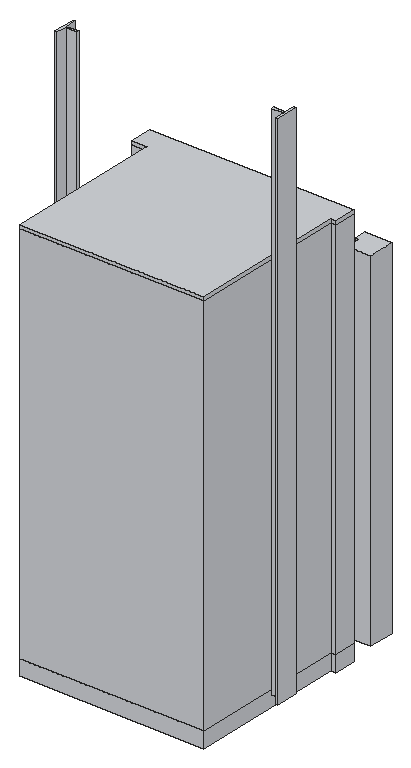
Revit family "Elevador básico", category Specialty Equipment, host Wall, Revit 2016
Family settings
  Host = Wall
  Part Type = Normal
  Round Connector Dimension = Use Diameter
  OmniClass Number = 23.50.05.14
  OmniClass Title = Lifts
  Always vertical = Yes
  Cut with Voids When Loaded = No
  Shared = No
  Room Calculation Point = No
Parameters (values of type "1000 x 880mm")
  Manufacturer = "Revit"
  Door Material = none
  Assembly Code = "D1010310"
Types (2, lengths in mm): name | Manufacturer | Assembly Code
  Type 1 | 0 | 0
  1000 x 880mm | "Revit" | "D1010310"
Reference planes
  plane 1: y = 0
  plane 2 "Center (Left/Right)": x = 125
  plane 3 "Back": y = 75
  plane 4: x = -505.007
  plane 5: x = 750
  plane 6: x = 600
Forms (mm)
  Extrusion 1, solid
    sketch origin (0, 0, 0) x (1, 0, 0) y (0, 1, 0)
      loop
        line (-505.007, 75) -> (-505.007, 14.479) -> (-114.979, 14.479) -> (-114.979, 75) -> (-505.007, 75)
      loop
        line (600, 75) -> (600, 5) -> (621.17, 5) -> (621.17, -75) -> (750, -75) -> (750, 75) -> (600, 75)
    from 0 to 2000
Lines and regions (mm)
  Opening 1
    outline origin (-5000, -75, 0) x (1, 0, 0) y (0, 0, 1)
      loop
        line (5750, 0) -> (5750, 2000) -> (4494.993, 2000) -> (4494.993, 0) -> (5750, 0)
  symbolic lines, detail levels medium+fine
    curve 1: line (-114.979, 75, 0) -> (600, 75, 0)
    curve 2: line (750, 75, 0) -> (600, 75, 0)
    curve 3: line (600, 5, 0) -> (621.17, 5, 0)
    curve 4: line (621.17, 5, 0) -> (621.17, -75, 0)
    curve 5: line (621.17, -75, 0) -> (750, -75, 0)
    curve 6: line (-505.007, 75, 0) -> (-114.979, 75, 0)
    curve 7: line (-114.979, 14.479, 0) -> (-135.755, 14.479, 0)
    curve 8: line (-135.755, 14.479, 0) -> (-135.755, 29.982, 0)
    curve 9: line (-135.755, 29.982, 0) -> (-505.007, 29.982, 0)
    curve 10: line (-114.979, 14.479, 0) -> (-114.979, 75, 0)
    curve 11: line (600, 5, 0) -> (600, 75, 0)
  symbolic lines, detail levels coarse
    curve 12: line (-505.007, 75, 0) -> (750, 75, 0)
Text (mm)
  text "Placement side" at (-1864.261, 916.262, 0), in view "Ref. Level"
  text "Placement side" at (0, 1605.175, 2923.955), in view "Left"
  text "Placement side" at (0, 595.982, 3004.978), in view "Right"
Dimensions and locks
  locked: plane 3 "Back" to host wall at 0
  locked: nested 1 to curve 3 at 80
  locked: curve 7 to nested 1 at 89.479
  aligned and locked: plane 1 to host wall
  aligned and locked: Extrusion 1 to host wall
  aligned and locked: plane 3 "Back" to curve 1
  aligned and locked: Extrusion 1 to plane 3 "Back"  (x2)
  aligned: curve 12 to host wall
  aligned: curve 12 to Extrusion 1
Nested families
  nested 1: "Electric Lift-4 person_new" at (125, -687.502, 0) x (-1, 0, 0) z (0, 0, 1), type "1000 x 880mm"
Definition of nested family "Electric Lift-4 person_new"
  Parameters
    Panel Width = 386 mm
    Level Height = 3000 mm
    Door Material = none
  Reference planes
    plane 1 "Center (Front/Back)": y = 0
    plane 2: z = 0
    plane 3 "Center (Left/Right)": x = 0
    plane 4: z = 3000
    plane 5: y = -762.502
  Forms (mm)
    Extrusion 1, solid
      sketch origin (0, 0, 0) x (1, 0, 0) y (0, 1, 0)
        loop
          line (-525, 452.498) -> (-525, -452.502) -> (-556, -452.502) -> (-556, -582.502) -> (611.5, -582.502) -> (611.5, -452.502) -> (525, -452.502) -> (525, 452.498) -> (-525, 452.498)
        loop
          line (-500, 427.498) -> (-500, 115) -> (-485.245, 115) -> (-485.245, -115) -> (-500, -115) -> (-500, -452.502) -> (-475, -452.502) -> (-475, -494.818) -> (-496.17, -494.818) -> (-496.17, -578.543) -> (583.123, -578.543) -> (583.123, -490.502) -> (235.3, -490.502) -> (235.3, -452.502) -> (500, -452.502) -> (500, 427.498) -> (-500, 427.498)
      from 0 to 2200
    Extrusion 2, solid, detail levels medium+fine
      sketch origin (0, 0, 0) x (1, 0, 0) y (0, 1, 0)
        loop
          line (-638.027, 63.5) -> (-638.027, -63.5) -> (-625.027, -63.5) -> (-622.113, -6.196) -> (-557.027, -6.196) -> (-557.027, 6.3) -> (-622.027, 6.3) -> (-625.027, 63.5) -> (-638.027, 63.5)
        loop
          line (625.027, 63.5) -> (622.027, 6.3) -> (557.027, 6.3) -> (557.027, -6.196) -> (622.113, -6.196) -> (625.027, -63.5) -> (638.027, -63.5) -> (638.027, 63.5) -> (625.027, 63.5)
      from 0 to 3000
    Extrusion 3, void
      sketch origin (-556, -582.502, 2200) x (0, 0, 1) y (1, 0, 0)
        loop
          line (-2286.189, 59.83) -> (-200, 59.83) -> (-200, 854.444) -> (-2286.189, 854.444) -> (-2286.189, 59.83)
      from 0 to 87.684
    Extrusion 4, solid
      sketch origin (0, 0, -90) x (1, 0, 0) y (0, 1, 0)
        loop
          line (-525, 452.498) -> (-525, -452.502) -> (-556, -452.502) -> (-556, -582.502) -> (611.5, -582.502) -> (611.5, -452.502) -> (525, -452.502) -> (525, 452.498) -> (-525, 452.498)
      from 0 to 90
    Extrusion 5, solid, material <- "Door Material"
      sketch origin (160, 0, 0) x (1, 0, 0) y (0, 1, 0)
        loop
          line (27.622, -496.512) -> (27.622, -538.112) -> (413.622, -538.112) -> (413.622, -496.512) -> (27.622, -496.512)
        loop
          line (-306.17, -543.502) -> (-306.17, -578.543) -> (79.83, -578.543) -> (79.83, -543.502) -> (-306.17, -543.502)
        loop
          line (67.622, -695.891) -> (453.622, -695.891) -> (453.622, -656.891) -> (67.622, -656.891) -> (67.622, -695.891)
        loop
          line (-296.17, -612.502) -> (-296.17, -651.502) -> (89.83, -651.502) -> (89.83, -612.502) -> (-296.17, -612.502)
      from 0 to 2000
    Extrusion 6, solid
      sketch origin (-525, 452.498, 2200) x (-1, 0, 0) y (0, -1, 0)
        loop
          line (0, 0) -> (0, 905) -> (31, 905) -> (31, 1035) -> (-1136.5, 1035) -> (-1136.5, 905) -> (-1050, 905) -> (-1050, 0) -> (0, 0)
      from 0 to 22
  Cuts and joins
    Extrusion 3 cuts Extrusion 1
    Extrusion 3 cuts Extrusion 2
  Lines and regions (mm)
    symbolic lines
      curve 1: line (370.2, 602.498, 0) -> (-399.8, 602.498, 0)
      curve 2: line (-399.8, 602.498, 0) -> (-399.8, 502.498, 0)
      curve 3: line (-399.8, 502.498, 0) -> (370.2, 502.498, 0)
      curve 4: line (370.2, 502.498, 0) -> (370.2, 602.498, 0)
    symbolic lines, detail levels fine
      curve 5: line (-468.299, 577.496, 0) -> (-468.299, 555.496, 0)
      curve 6: line (-468.299, 555.496, 0) -> (-424.799, 555.496, 0)
      curve 7: line (-424.799, 555.496, 0) -> (-424.799, 549.496, 0)
      curve 8: line (-424.799, 549.496, 0) -> (-468.299, 549.496, 0)
      curve 9: line (-468.299, 549.496, 0) -> (-468.299, 527.496, 0)
      curve 10: line (-468.299, 527.496, 0) -> (-474.299, 527.496, 0)
      curve 11: line (-474.299, 527.496, 0) -> (-474.299, 577.496, 0)
      curve 12: line (-474.299, 577.496, 0) -> (-468.299, 577.496, 0)
      curve 13: line (395.199, 549.496, 0) -> (438.699, 549.496, 0)
      curve 14: line (438.699, 549.496, 0) -> (438.699, 527.496, 0)
      curve 15: line (438.699, 527.496, 0) -> (444.699, 527.496, 0)
      curve 16: line (444.699, 527.496, 0) -> (444.699, 577.496, 0)
      curve 17: line (444.699, 577.496, 0) -> (438.699, 577.496, 0)
      curve 18: line (438.699, 577.496, 0) -> (438.699, 555.496, 0)
      curve 19: line (438.699, 555.496, 0) -> (395.199, 555.496, 0)
      curve 20: line (395.199, 555.496, 0) -> (395.199, 549.496, 0)
      curve 72: arc (31.514, 552.46, 0) -> (0.287, 583.687, 0) -> (-30.94, 552.46, 0) r 31.227
      curve 73: arc (-30.94, 552.46, 0) -> (0.287, 521.232, 0) -> (31.514, 552.46, 0) r 31.227
    symbolic lines, detail levels medium+fine
      curve 21: line (525, -452.502, 0) -> (525, 452.498, 0)
      curve 22: line (525, 452.498, 0) -> (-525, 452.498, 0)
      curve 23: line (-525, 452.498, 0) -> (-525, -452.502, 0)
      curve 24: line (500, -452.502, 0) -> (500, 427.498, 0)
      curve 25: line (500, 427.498, 0) -> (-500, 427.498, 0)
      curve 26: line (-500, 427.498, 0) -> (-500, 115, 0)
      curve 27: line (-485.245, 115, 0) -> (-525, 115, 0)
      curve 28: line (-525, -115, 0) -> (-485.245, -115, 0)
      curve 29: line (-485.245, -115, 0) -> (-485.245, 115, 0)
      curve 30: line (-500, -115, 0) -> (-500, -452.502, 0)
      curve 31: line (-496.17, -582.502, 0) -> (-496.17, -494.818, 0)
      curve 32: line (-496.17, -494.818, 0) -> (-475, -494.818, 0)
      curve 33: line (-475, -494.818, 0) -> (-475, -452.502, 0)
      curve 34: line (-475, -452.502, 0) -> (-556, -452.502, 0)
      curve 35: line (-556, -452.502, 0) -> (-556, -582.502, 0)
      curve 36: line (-496.17, -582.502, 0) -> (-110.17, -582.502, 0)
      curve 37: line (-110.17, -582.502, 0) -> (-110.17, -543.502, 0)
      curve 38: line (-110.17, -543.502, 0) -> (-496.17, -543.502, 0)
      curve 39: line (-132.378, -538.112, 0) -> (253.622, -538.112, 0)
      curve 40: line (253.622, -538.112, 0) -> (253.622, -496.512, 0)
      curve 41: line (253.622, -496.512, 0) -> (-132.378, -496.512, 0)
      curve 42: line (-132.378, -496.512, 0) -> (-132.378, -538.112, 0)
      curve 43: line (611.5, -582.502, 0) -> (-110.17, -582.502, 0)
      curve 44: line (298.444, -525.043, 0) -> (583.123, -525.043, 0)
      curve 45: line (583.123, -525.043, 0) -> (583.123, -493.043, 0)
      curve 46: line (583.123, -493.043, 0) -> (298.444, -493.043, 0)
      curve 47: line (298.444, -578.543, 0) -> (583.123, -578.543, 0)
      curve 48: line (583.123, -578.543, 0) -> (583.123, -537.543, 0)
      curve 49: line (583.123, -537.543, 0) -> (298.444, -537.543, 0)
      curve 50: line (675, -717.484, 0) -> (630.007, -717.484, 0)
      curve 51: line (630.007, -717.484, 0) -> (630.007, -612.502, 0)
      curve 52: line (630.007, -612.502, 0) -> (-110.17, -612.502, 0)
      curve 53: line (403.123, -625.543, 0) -> (625.123, -625.543, 0)
      curve 54: line (625.123, -625.543, 0) -> (625.123, -655.543, 0)
      curve 55: line (625.123, -655.543, 0) -> (403.123, -655.543, 0)
      curve 56: line (403.123, -671.043, 0) -> (625.123, -671.043, 0)
      curve 57: line (625.123, -671.043, 0) -> (625.123, -706.043, 0)
      curve 58: line (625.123, -706.043, 0) -> (403.123, -706.043, 0)
      curve 59: line (253.622, -695.891, 0) -> (-132.378, -695.891, 0)
      curve 60: line (-132.378, -695.891, 0) -> (-132.378, -656.891, 0)
      curve 61: line (-132.378, -656.891, 0) -> (253.622, -656.891, 0)
      curve 62: line (253.622, -656.891, 0) -> (253.622, -695.891, 0)
      curve 63: line (-496.17, -651.502, 0) -> (-110.17, -651.502, 0)
      curve 64: line (-110.17, -651.502, 0) -> (-110.17, -612.502, 0)
      curve 65: line (-110.17, -612.502, 0) -> (-496.17, -612.502, 0)
      curve 66: line (-496.17, -612.502, 0) -> (-496.17, -692.502, 0)
      curve 67: line (-496.17, -692.502, 0) -> (-496.17, -612.502, 0)
      curve 68: line (235.3, -452.502, 0) -> (611.5, -452.502, 0)
      curve 69: line (258.09, -490.502, 0) -> (235.3, -490.502, 0)
      curve 70: line (235.3, -490.502, 0) -> (235.3, -452.502, 0)
      curve 71: line (611.5, -452.502, 0) -> (611.5, -582.502, 0)
      curve 74: line (-525, 552.498, 0) -> (524.996, 552.498, 0)
      curve 75: line (-556, -582.502, 0) -> (-496.17, -582.502, 0)
      curve 76: line (675, 672.498, 0) -> (-675, 672.498, 0)
      curve 77: line (-675, 672.498, 0) -> (-675, -727.484, 0)
      curve 78: line (675, -717.484, 0) -> (675, 672.498, 0)
      curve 79: line (-675, -727.484, 0) -> (-625, -727.484, 0)
      curve 80: line (298.444, -525.043, 0) -> (298.444, -493.043, 0)
      curve 81: line (298.444, -537.543, 0) -> (298.444, -578.543, 0)
      curve 82: line (403.123, -625.543, 0) -> (403.123, -655.543, 0)
      curve 83: line (403.123, -671.043, 0) -> (403.123, -706.043, 0)
    symbolic lines, detail levels coarse
      curve 84: line (-525, 452.498, 0) -> (525, 452.498, 0)
      curve 85: line (525, 452.498, 0) -> (525, -582.502, 0)
      curve 86: line (525, -582.502, 0) -> (-525, -582.502, 0)
      curve 87: line (-525, 452.498, 0) -> (-525, -582.502, 0)
      curve 88: line (-525, -582.502, 0) -> (525, 452.498, 0)
      curve 89: line (-525, 452.498, 0) -> (525, -582.502, 0)
  Dimensions and locks
    locked: curve 23 to curve 26 at 25
    locked: curve 23 to curve 30 at 25
    locked: curve 24 to curve 21 at 25
    locked: curve 22 to curve 25 at 25
    locked: curve 27 to curve 28 at 230
    locked: curve 23 to curve 29 at 39.755
    locked: curve 26 to curve 24 at 1000
    equal spacing: curve 30, plane 3 "Center (Left/Right)", curve 24
    "Panel Width": curve 42 to curve 40
    locked: curve 41 to curve 39 at 41.6
    locked: curve 59 to curve 61 at 39
    locked: curve 38 to curve 36 at 39
    locked: curve 65 to curve 63 at 39
    locked: curve 35 to curve 33 at 81
    locked: curve 34 to curve 75 at 130
    locked: curve 32 to curve 34 at 42.316
    locked: curve 35 to curve 31 at 59.83
    "Panel Width": curve 60 to curve 62
    "Panel Width": curve 63 to curve 64
    "Panel Width": curve 38 to curve 37
    locked: curve 3 to curve 22 at 50
    locked: curve 3 to curve 1 at 100
    locked: curve 2 to curve 4 at 770
    cut or joined group of Extrusion 1, Extrusion 3 to cut or joined group of Extrusion 1, Extrusion 3 = 2000 mm
    "Level Height": plane 4 to level
    aligned and locked: Extrusion 2 sketch curve to nested 1  (x8)
    aligned and locked: cut or joined group of Extrusion 2, Extrusion 3 to plane 4
    aligned and locked: cut or joined group of Extrusion 2, Extrusion 3 to level
  Automatic sketch dimensions
    Extrusion 1 sketch curve to plane 3 "Center (Left/Right)" = 556 mm
    Extrusion 1 sketch curve to Extrusion 1 sketch curve = 31 mm
    Extrusion 1 sketch curve to Extrusion 1 sketch curve = 25 mm  (x3)
    Extrusion 1 sketch curve to Extrusion 1 sketch curve = 0 mm  (x2)
    Extrusion 1 sketch curve to Extrusion 1 sketch curve = 3.83 mm
    Extrusion 1 sketch curve to Extrusion 1 sketch curve = 14.755 mm
    Extrusion 1 sketch curve to Extrusion 1 sketch curve = 21.17 mm
    plane 3 "Center (Left/Right)" to Extrusion 1 sketch curve = 235.3 mm
    plane 3 "Center (Left/Right)" to Extrusion 1 sketch curve = 500 mm
    Extrusion 1 sketch curve to Extrusion 1 sketch curve = 58.123 mm
    Extrusion 1 sketch curve to Extrusion 1 sketch curve = 28.377 mm
    plane 1 "Center (Front/Back)" to Extrusion 1 sketch curve = 582.502 mm
    Extrusion 1 sketch curve to Extrusion 1 sketch curve = 3.959 mm
    Extrusion 1 sketch curve to Extrusion 1 sketch curve = 83.725 mm
    Extrusion 1 sketch curve to Extrusion 1 sketch curve = 88.041 mm
    Extrusion 1 sketch curve to Extrusion 1 sketch curve = 42.316 mm
    Extrusion 1 sketch curve to Extrusion 1 sketch curve = 38 mm  (x2)
    plane 1 "Center (Front/Back)" to Extrusion 1 sketch curve = 115 mm
    Extrusion 1 sketch curve to plane 1 "Center (Front/Back)" = 115 mm
    Extrusion 1 sketch curve to plane 1 "Center (Front/Back)" = 427.498 mm
    Extrusion 2 sketch curve to plane 1 "Center (Front/Back)" = 6.3 mm
    Extrusion 2 sketch curve to plane 3 "Center (Left/Right)" = 557.027 mm
    Extrusion 2 sketch curve to Extrusion 2 sketch curve = 65 mm
    plane 1 "Center (Front/Back)" to Extrusion 2 sketch curve = 6.196 mm
    Extrusion 2 sketch curve to Extrusion 2 sketch curve = 0.086 mm
    Extrusion 2 sketch curve to Extrusion 2 sketch curve = 3 mm
    Extrusion 2 sketch curve to Extrusion 2 sketch curve = 2.914 mm
    Extrusion 2 sketch curve to Extrusion 2 sketch curve = 13 mm
    Extrusion 2 sketch curve to Extrusion 2 sketch curve = 57.304 mm
    Extrusion 2 sketch curve to Extrusion 2 sketch curve = 57.2 mm
    Extrusion 3 sketch curve to level = 86.189 mm
    Extrusion 3 sketch curve to plane 3 "Center (Left/Right)" = 496.17 mm
    level to Extrusion 3 sketch curve = 2000 mm
    plane 3 "Center (Left/Right)" to Extrusion 3 sketch curve = 298.444 mm
    Extrusion 4 sketch curve to plane 3 "Center (Left/Right)" = 556 mm
    Extrusion 4 sketch curve to Extrusion 4 sketch curve = 31 mm
    plane 3 "Center (Left/Right)" to Extrusion 4 sketch curve = 525 mm
    Extrusion 4 sketch curve to Extrusion 4 sketch curve = 86.5 mm
    plane 1 "Center (Front/Back)" to Extrusion 4 sketch curve = 582.502 mm
    Extrusion 4 sketch curve to Extrusion 4 sketch curve = 130 mm  (x2)
    Extrusion 4 sketch curve to plane 1 "Center (Front/Back)" = 452.498 mm
    plane 3 "Center (Left/Right)" to Extrusion 6 sketch curve = 611.5 mm
    Extrusion 6 sketch curve to Extrusion 6 sketch curve = 86.5 mm
    Extrusion 6 sketch curve to plane 3 "Center (Left/Right)" = 525 mm
    Extrusion 6 sketch curve to Extrusion 6 sketch curve = 31 mm
    Extrusion 6 sketch curve to plane 1 "Center (Front/Back)" = 452.498 mm
    plane 1 "Center (Front/Back)" to Extrusion 6 sketch curve = 452.502 mm  (x2)
    Extrusion 6 sketch curve to Extrusion 6 sketch curve = 130 mm
    Extrusion 5 sketch curve to plane 3 "Center (Left/Right)" = 146.17 mm
    Extrusion 5 sketch curve to Extrusion 5 sketch curve = 10 mm
    plane 3 "Center (Left/Right)" to Extrusion 5 sketch curve = 187.622 mm
    Extrusion 5 sketch curve to Extrusion 5 sketch curve = 40 mm  (x2)
    Extrusion 5 sketch curve to Extrusion 5 sketch curve = 52.208 mm
    Extrusion 5 sketch curve to Extrusion 5 sketch curve = 22.208 mm
    Extrusion 5 sketch curve to Extrusion 5 sketch curve = 333.792 mm
    plane 1 "Center (Front/Back)" to Extrusion 5 sketch curve = 695.891 mm
    Extrusion 5 sketch curve to Extrusion 5 sketch curve = 39 mm  (x2)
    Extrusion 5 sketch curve to Extrusion 5 sketch curve = 5.389 mm
    Extrusion 5 sketch curve to Extrusion 5 sketch curve = 33.959 mm
    Extrusion 5 sketch curve to Extrusion 5 sketch curve = 35.041 mm
    Extrusion 5 sketch curve to Extrusion 5 sketch curve = 118.779 mm
    Extrusion 5 sketch curve to Extrusion 5 sketch curve = 41.6 mm
    curve 74 to curve 22 = 0 mm
    curve 35 to curve 23 = 31 mm
    curve 77 to curve 79 = 50 mm
    curve 74 to curve 10 = 50.701 mm
    curve 10 to curve 9 = 6 mm
    curve 6 to curve 8 = 0 mm
    curve 5 to curve 7 = 43.5 mm
    curve 7 to curve 2 = 24.999 mm
    curve 60 to curve 63 = 22.208 mm
    curve 42 to curve 37 = 22.208 mm
    curve 73 to plane 3 "Center (Left/Right)" = 30.94 mm
    plane 3 "Center (Left/Right)" to curve 72 = 0.287 mm
    curve 70 to curve 40 = 18.322 mm
    curve 40 to curve 69 = 4.468 mm
    curve 69 to curve 80 = 40.354 mm
    curve 81 to curve 44 = 0 mm
    curve 3 to curve 13 = 24.999 mm
    curve 82 to curve 56 = 0 mm
    curve 19 to curve 19 = 43.5 mm
    curve 15 to curve 18 = 0 mm
    curve 17 to curve 16 = 6 mm
    curve 16 to curve 74 = 80.297 mm
    curve 86 to curve 49 = 58.123 mm
    curve 44 to curve 48 = 0 mm
    curve 45 to curve 71 = 28.377 mm
    curve 43 to curve 57 = 13.623 mm
    curve 55 to curve 56 = 0 mm
    curve 50 to curve 50 = 44.993 mm
    curve 79 to plane 5 = 35.018 mm
    curve 78 to curve 51 = 0 mm
    curve 50 to curve 57 = 11.441 mm
    curve 67 to plane 5 = 70 mm
    curve 57 to curve 57 = 35 mm
    curve 56 to curve 54 = 15.5 mm
    curve 60 to curve 64 = 5.389 mm
    curve 53 to curve 51 = 13.041 mm
    curve 52 to curve 36 = 30 mm
    curve 86 to curve 85 = 0 mm
    curve 43 to curve 47 = 3.959 mm
    curve 37 to curve 39 = 5.389 mm
    curve 47 to curve 49 = 41 mm
    curve 49 to curve 80 = 12.5 mm
    curve 44 to curve 80 = 32 mm
    curve 40 to curve 70 = 6.011 mm
    curve 45 to curve 21 = 40.541 mm
    plane 1 "Center (Front/Back)" to curve 28 = 115 mm
    curve 26 to curve 25 = 312.498 mm
    curve 3 to curve 15 = 24.998 mm
    curve 2 to curve 9 = 24.998 mm
    curve 9 to curve 8 = 22 mm
    curve 14 to curve 13 = 22 mm
    curve 3 to curve 73 = 49.961 mm
    curve 10 to curve 74 = 25.002 mm
    curve 13 to curve 20 = 6 mm
    curve 7 to curve 7 = 6 mm
    curve 18 to curve 18 = 22 mm
    curve 5 to curve 11 = 22 mm
    curve 74 to curve 78 = 120 mm
    curve 53 to curve 51 = 4.884 mm
    curve 78 to plane 5 = 45.018 mm
    curve 79 to curve 66 = 128.83 mm
    curve 79 to curve 35 = 69 mm
    curve 59 to plane 5 = 66.611 mm
    curve 47 to curve 53 = 104.679 mm
  Nested families
    nested 1: "Vertical conn" at (638.027, 0, 0), type "Vertical conn", detail levels medium+fine
    nested 2: "Vertical conn" at (-638.027, 0, 0) x (-1, 0, 0) z (0, 0, 1), type "Vertical conn", detail levels medium+fine
  Definition of nested family "Vertical conn"
    Reference planes
      plane 1 "Center (Front/Back)": y = 0
      plane 2: z = 0
      plane 3 "Center (Left/Right)": x = 0
    Lines and regions (mm)
      detail lines, in view "Ref. Level"
        curve 1: line (-81, -6.196, 0) -> (-15.914, -6.196, 0)
        curve 2: line (-15.914, -6.196, 0) -> (-13, -63.5, 0)
        curve 3: line (-13, -63.5, 0) -> (0, -63.5, 0)
        curve 4: line (0, -63.5, 0) -> (0, 63.5, 0)
        curve 5: line (0, 63.5, 0) -> (-13, 63.5, 0)
        curve 6: line (-13, 63.5, 0) -> (-16, 6.3, 0)
        curve 7: line (-16, 6.3, 0) -> (-81, 6.3, 0)
        curve 8: line (-81, 6.3, 0) -> (-81, -6.196, 0)
